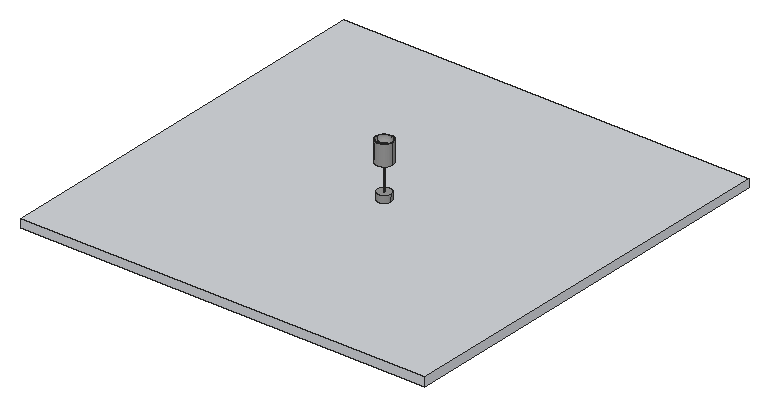
Revit family "LAMP_KOMBIC 100 SURFACE 2500 CRI80 OPTIC", category Luminarias, Revit 2018
Family settings
  Anfitrión = Cara
  Cota de conector redondo = Diámetro de uso
  Tipo de pieza = Normal
  Corte con vacíos al cargar = No
  Origen de luz = Sí
  Compartido = No
  Punto de cálculo de habitación = No
Parameters (values of type "1609LM 3000K  B/B")
  Ángulo de inclinación = -90.00°
  Weight = 0.68 kg
  UGR = "17"
  Type = "COB PHILIPS"
  Protection rating = "IP40"
  Product datasheet = "http://www.lamp.es/product-files/TECH/K11SF2540WF830NBB-EN.pdf"
  Product code = "K11SF2540WF830NBB"
  Product URL = "https://www.lamp.es/en/family/kombic-surface_474354"
  Power Supply = "220-240V 50/60Hz"
  Power = 18 W
  Plum = 21.6 W
  Modelo = Product code  # "K11SF2540WF830NBB"
  Model explanation = "Possibility of chossing between surface or suspended within the model"
  Material reflector = LAMP_PC Reflector Kombic Metalizado Negro
  Material floron = LAMP_Plástico genérico NG
  Material optica = LAMP_PMMA Optica Kombic100
  Material cuerpo = LAMP_Plástico genérico NG
  Material cable suspension = LAMP_Acero genérico
  Material LED = LAMP_COB
  Manufacturer name = "LAMP"
  Manufacturer country = "Spain"
  Manufacturer URL = "http://www.lamp.es/en"
  MacAdam = "3"
  Luminaire type = "Suspended"
  Last update = "29/07/2021"
  Lamp = "COB LED"
  LED Lifetime = "50.000 L70 B10"
  Insulation class = "I"
  Installation instructions = "https://www.lamp.es/product-files/packed/by-family/474354_INS_all.zip"
  IEE = "A+"
  Height suspension [instance] = 200 mm
  Height distance [instance] = if(Surface, 0.1 mm, if(Ceiling rose, if(Height suspension > 38 mm, if(Height suspension < 2000 mm, Height suspension, 2000 mm), 38 mm), 37 mm))  # 200 mm
  Wattage = 21.6 W
  built-in parameter 1150107 = 3000 (stored number, unit not read)
  Surface [instance] = no
  built-in parameter 1150110 = 1 (stored number, unit not read)
  built-in parameter 1150109 = 1 (stored number, unit not read)
  built-in parameter 1150112 = 1 (stored number, unit not read)
  built-in parameter 1150113 = 1 (stored number, unit not read)
  built-in parameter 1114218 = 1 (stored number, unit not read)
  built-in parameter 1150137 = (empty or 0)
  built-in parameter 1150132 = 2
  built-in parameter 1150105 = 2137.8 (stored number, unit not read)
  built-in parameter 1150102 = (empty or 0)
  built-in parameter 1150106 = 21.378 (stored number, unit not read)
  Height = 120 mm
  Gear = "Electronic"
  Lumens = 1609.2 lm
  Finish = "Matte black RAL 9011"
  Color Filter = 16777215
  built-in parameter 1114217 = 1 (stored number, unit not read)
  built-in parameter 1150139 = (empty or 0)
  Fabricante = Manufacturer name  # "LAMP"
  Default Elevation = 1219.2 mm
  built-in parameter 1150104 = 6.9213 (stored number, unit not read)
  Efficacy = 74.5 lm/W
  Diameter = 100 mm
  built-in parameter 1150115 = 1 (stored number, unit not read)
  built-in parameter 1150114 = 1 (stored number, unit not read)
  built-in parameter 1150138 = (empty or 0)
  built-in parameter 1150134 = (empty or 0)
  Ceiling rose [instance] = not(Surface)  # yes
  Dimming Lamp Color Temperature Shift = (empty or 0)
  CRI = "80"
  Archivo de red fotométrica = "K11SF2540WF830NBB.IES"
  built-in parameter 1150133 = 10 (stored number, unit not read)
Types (12, lengths in mm): name | UGR | Product datasheet | Product code | Modelo | Material reflector | Material floron | Material cuerpo | built-in parameter 1150107 | built-in parameter 1150105 | built-in parameter 1150106 | Lumens | Finish | built-in parameter 1150104 | Efficacy | built-in parameter 1150134 | Archivo de red fotométrica
  1609LM 3000K  B/B | "17" | "http://www.lamp.es/product-files/TECH/K11SF2540WF830NBB-EN.pdf" | "K11SF2540WF830NBB" | "K11SF2540WF830NBB" | LAMP_PC Reflector Kombic Metalizado Negro | LAMP_Plástico genérico NG | LAMP_Plástico genérico NG | 3000 (stored number, unit not read) | 2137.8 (stored number, unit not read) | 21.378 (stored number, unit not read) | 1609.2 lm | "Matte black RAL 9011" | 6.9213 (stored number, unit not read) | 74.5 lm/W | (empty or 0) | "K11SF2540WF830NBB.IES"
  1609LM 3000K  B/W | "17" | "http://www.lamp.es/product-files/TECH/K11SF2540WF830NBW-EN.pdf" | "K11SF2540WF830NBW" | "K11SF2540WF830NBW" | LAMP_PC Reflector Kombic Metalizado Negro | LAMP_Plástico genérico BL | LAMP_Plástico genérico BL | 3000 (stored number, unit not read) | 2137.8 (stored number, unit not read) | 21.378 (stored number, unit not read) | 1609.2 lm | "Matte Traffic white RAL 9016" | 6.9213 (stored number, unit not read) | 74.5 lm/W | (empty or 0) | "K11SF2540WF830NBW.IES"
  1692LM 3000K  M/B | "17" | "http://www.lamp.es/product-files/TECH/K11SF2540WF830NMB-EN.pdf" | "K11SF2540WF830NMB" | "K11SF2540WF830NMB" | LAMP_PC Reflector Kombic Metalizado Mate | LAMP_Plástico genérico NG | LAMP_Plástico genérico NG | 3000 (stored number, unit not read) | 2246.9 (stored number, unit not read) | 22.469 (stored number, unit not read) | 1691.28 lm | "Matte black RAL 9011" | 7.2743 (stored number, unit not read) | 78.3 lm/W | (empty or 0) | "K11SF2540WF830NMB.IES"
  1692LM 3000K  M/W | "17" | "http://www.lamp.es/product-files/TECH/K11SF2540WF830NMW-EN.pdf" | "K11SF2540WF830NMW" | "K11SF2540WF830NMW" | LAMP_PC Reflector Kombic Metalizado Mate | LAMP_Plástico genérico BL | LAMP_Plástico genérico BL | 3000 (stored number, unit not read) | 2246.9 (stored number, unit not read) | 22.469 (stored number, unit not read) | 1691.28 lm | "Matte Traffic white RAL 9016" | 7.2743 (stored number, unit not read) | 78.3 lm/W | (empty or 0) | "K11SF2540WF830NMW.IES"
  1701LM 3000K  W/B | "19" | "http://www.lamp.es/product-files/TECH/K11SF2540WF830NWB-EN.pdf" | "K11SF2540WF830NWB" | "K11SF2540WF830NWB" | LAMP_PC Reflector Kombic Blanco | LAMP_Plástico genérico NG | LAMP_Plástico genérico NG | 3000 (stored number, unit not read) | 2261.2 (stored number, unit not read) | 22.612 (stored number, unit not read) | 1702.08 lm | "Matte black RAL 9011" | 7.3208 (stored number, unit not read) | 78.8 lm/W | (empty or 0) | "K11SF2540WF830NWB.IES"
  1701LM 3000K  W/W | "19" | "http://www.lamp.es/product-files/TECH/K11SF2540WF830NWW-EN.pdf" | "K11SF2540WF830NWW" | "K11SF2540WF830NWW" | LAMP_PC Reflector Kombic Blanco | LAMP_Plástico genérico BL | LAMP_Plástico genérico BL | 3000 (stored number, unit not read) | 2261.2 (stored number, unit not read) | 22.612 (stored number, unit not read) | 1702.08 lm | "Matte Traffic white RAL 9016" | 7.3208 (stored number, unit not read) | 78.8 lm/W | (empty or 0) | "K11SF2540WF830NWW.IES"
  1704LM 4000K  B/B | "17" | "http://www.lamp.es/product-files/TECH/K11SF2540WF840NBB-EN.pdf" | "K11SF2540WF840NBB" | "K11SF2540WF840NBB" | LAMP_PC Reflector Kombic Metalizado Negro | LAMP_Plástico genérico NG | LAMP_Plástico genérico NG | 4000 (stored number, unit not read) | 2264.1 (stored number, unit not read) | 22.641 (stored number, unit not read) | 1704.24 lm | "Matte black RAL 9011" | 7.33 (stored number, unit not read) | 78.9 lm/W | 12 | "K11SF2540WF840NBB.IES"
  1704LM 4000K  B/W | "17" | "http://www.lamp.es/product-files/TECH/K11SF2540WF840NBW-EN.pdf" | "K11SF2540WF840NBW" | "K11SF2540WF840NBW" | LAMP_PC Reflector Kombic Metalizado Negro | LAMP_Plástico genérico BL | LAMP_Plástico genérico BL | 4000 (stored number, unit not read) | 2264.1 (stored number, unit not read) | 22.641 (stored number, unit not read) | 1704.24 lm | "Matte Traffic white RAL 9016" | 7.33 (stored number, unit not read) | 78.9 lm/W | 12 | "K11SF2540WF840NBW.IES"
  1792LM 4000K  M/B | "17" | "http://www.lamp.es/product-files/TECH/K11SF2540WF840NMB-EN.pdf" | "K11SF2540WF840NMB" | "K11SF2540WF840NMB" | LAMP_PC Reflector Kombic Metalizado Mate | LAMP_Plástico genérico NG | LAMP_Plástico genérico NG | 4000 (stored number, unit not read) | 2381.7 (stored number, unit not read) | 23.817 (stored number, unit not read) | 1792.8 lm | "Matte black RAL 9011" | 7.711 (stored number, unit not read) | 83 lm/W | 12 | "K11SF2540WF840NMB.IES"
  1792LM 4000K  M/W | "17" | "http://www.lamp.es/product-files/TECH/K11SF2540WF840NMW-EN.pdf" | "K11SF2540WF840NMW" | "K11SF2540WF840NMW" | LAMP_PC Reflector Kombic Metalizado Mate | LAMP_Plástico genérico BL | LAMP_Plástico genérico BL | 4000 (stored number, unit not read) | 2381.7 (stored number, unit not read) | 23.817 (stored number, unit not read) | 1792.8 lm | "Matte Traffic white RAL 9016" | 7.711 (stored number, unit not read) | 83 lm/W | 12 | "K11SF2540WF840NMW.IES"
  1802LM 4000K  W/B | "19" | "http://www.lamp.es/product-files/TECH/K11SF2540WF840NWB-EN.pdf" | "K11SF2540WF840NWB" | "K11SF2540WF840NWB" | LAMP_PC Reflector Kombic Blanco | LAMP_Plástico genérico NG | LAMP_Plástico genérico NG | 4000 (stored number, unit not read) | 2393.2 (stored number, unit not read) | 23.932 (stored number, unit not read) | 1801.44 lm | "Matte black RAL 9011" | 7.7481 (stored number, unit not read) | 83.4 lm/W | 12 | "K11SF2540WF840NWB.IES"
  1802LM 4000K  W/W | "19" | "http://www.lamp.es/product-files/TECH/K11SF2540WF840NWW-EN.pdf" | "K11SF2540WF840NWW" | "K11SF2540WF840NWW" | LAMP_PC Reflector Kombic Blanco | LAMP_Plástico genérico BL | LAMP_Plástico genérico BL | 4000 (stored number, unit not read) | 2393.2 (stored number, unit not read) | 23.932 (stored number, unit not read) | 1801.44 lm | "Matte Traffic white RAL 9016" | 7.7481 (stored number, unit not read) | 83.4 lm/W | 12 | "K11SF2540WF840NWW.IES"
Reference planes
  plane 1 "Centro (Frontal/Posterior)": y = 0
  plane 2: z = 0
  plane 3 "Centro (Izquierda/Derecha)": x = 0
Forms (mm)
  Extrusion 1, solid
    sketch origin (0, 0, 0) x (1, 0, 0) y (0, 1, 0)
      loop
        line (-1219.2, 1219.2) -> (-1219.2, -1219.2) -> (1219.2, -1219.2) -> (1219.2, 1219.2) -> (-1219.2, 1219.2)
    from 0 to -50
  Extrusion 2, solid, material "LAMP_Plástico genérico NG" <- "Material cuerpo"
    sketch origin (0, 0, 0) x (1, 0, 0) y (0, 1, 0)
      loop
        circle (0, 0) r 50
    from 200 to 320
  Extrusion 3, void
    sketch origin (0, 0, 0) x (1, 0, 0) y (0, 1, 0)
      loop
        circle (0, 0) r 48
    from 210.588 to 320
  Sweep 4, solid, material "LAMP_PC Reflector Kombic Metalizado Negro" <- "Material reflector"
    path origin (105.103, -251.845, 320) x (1, 0, 0) y (0, 1, 0)
      loop
        circle (-105.103, 251.959) r 48
    profile origin (0, 48.114, 320) x (0, -1, 0) y (0, 0, 1)
      loop
        arc (0, 0) -> (6.616, -20.646) -> (24, -33.6) r 35.52
        line (24, -33.6) -> (24, -32.6)
        arc (24, -32.6) -> (7.196, -20.217) -> (2, 0) r 31.112
        line (2, 0) -> (0, 0)
  Extrusion 5, solid, material "LAMP_PMMA Optica Kombic100" <- "Material optica"
    sketch origin (0, 0, 0) x (1, 0, 0) y (0, 1, 0)
      loop
        circle (0, 0) r 24
    from 286.4 to 287.4
  Extrusion 6, solid, material "LAMP_Plástico genérico NG" <- "Material floron", visible <- "Ceiling rose"
    sketch origin (0, 0, 0) x (1, 0, 0) y (0, 1, 0)
      loop
        circle (0, 0) r 42
    from 0 to 37
  Extrusion 7, solid, material "LAMP_Acero genérico" <- "Material cable suspension", visible <- "Ceiling rose"
    sketch origin (0, 0, 0) x (1, 0, 0) y (0, 1, 0)
      loop
        circle (0, 0) r 1
    from 37 to 200
  Extrusion 8, solid, material "LAMP_COB" <- "Material LED"
    sketch origin (0, 0, 0) x (1, 0, 0) y (0, 1, 0)
      loop
        circle (0, 0) r 13
    from 285.4 to 286.4
Cuts and joins
  Extrusion 3 cuts Extrusion 2
Text (mm)
  text "Any modification of the parameters and properties of the LAMP BIM models must be executed and validated by the LAMP technical department.\nPhone: +34 93 736 68 00\nE-mail: lamp@lamp.es\n\nLAMP reserves the right to modify the technical specifications of its products." at (1856.491, -4316.333, -2622.127), in view "Preview"
Dimensions and locks
  "Height distance": Extrusion 2 to Extrusion 1
  locked: Extrusion 2 to Extrusion 2 at 120
  locked: cut or joined group of Extrusion 2, Extrusion 3 to cut or joined group of Extrusion 2, Extrusion 3 at 109.412
  locked: Extrusion 8 to Extrusion 8 at 1
  aligned and locked: plane 2 to Extrusion 1
  aligned and locked: level to Extrusion 1
  aligned and locked: Extrusion 2 to Extrusion 3
  aligned and locked: cut or joined group of Extrusion 2, Extrusion 3 to Sweep 4 sketch curve
  aligned and locked: Sweep 4 to Extrusion 5
  aligned and locked: Extrusion 5 to Sweep 4
  aligned and locked: Extrusion 7 to Extrusion 6
  aligned and locked: Extrusion 7 to cut or joined group of Extrusion 2, Extrusion 3
  aligned and locked: imposter light to cut or joined group of Extrusion 2, Extrusion 3
  aligned and locked: Extrusion 8 to Extrusion 5
Automatic sketch dimensions
  Extrusion 1 sketch curve to Extrusion 1 sketch curve = 2438.4 mm  (x2)
  plane 1 "Centro (Frontal/Posterior)" to Extrusion 2 sketch curve = 0 mm
  Extrusion 2 sketch curve to plane 3 "Centro (Izquierda/Derecha)" = 0 mm
  plane 1 "Centro (Frontal/Posterior)" to Extrusion 3 sketch curve = 0 mm
  Extrusion 3 sketch curve to plane 3 "Centro (Izquierda/Derecha)" = 0 mm
  Sweep 4 sketch curve to Sweep 4 sketch curve = 2 mm
  Sweep 4 sketch curve to Sweep 4 sketch curve = 2.536 mm
  Sweep 4 sketch curve to Sweep 4 sketch curve = 2.814 mm
  Sweep 4 sketch curve to profile plane = 24 mm
  Sweep 4 sketch curve to Sweep 4 sketch curve = 8.984 mm
  Sweep 4 sketch curve to profile plane = 0 mm
  plane 1 "Centro (Frontal/Posterior)" to Extrusion 5 sketch curve = 0 mm
  Extrusion 5 sketch curve to plane 3 "Centro (Izquierda/Derecha)" = 0 mm
  plane 1 "Centro (Frontal/Posterior)" to Extrusion 6 sketch curve = 0 mm
  Extrusion 6 sketch curve to plane 3 "Centro (Izquierda/Derecha)" = 0 mm
  plane 1 "Centro (Frontal/Posterior)" to Extrusion 7 sketch curve = 0 mm
  Extrusion 7 sketch curve to plane 3 "Centro (Izquierda/Derecha)" = 0 mm
  plane 1 "Centro (Frontal/Posterior)" to Extrusion 8 sketch curve = 0 mm
  Extrusion 8 sketch curve to plane 3 "Centro (Izquierda/Derecha)" = 0 mm
  radius of Extrusion 2 sketch curve = 50 mm
  radius of Extrusion 3 sketch curve = 48 mm
  radius of Sweep 4 sketch curve = 48 mm
  radius of Extrusion 5 sketch curve = 24 mm
  radius of Extrusion 6 sketch curve = 42 mm
  radius of Extrusion 7 sketch curve = 1 mm
  radius of Extrusion 8 sketch curve = 13 mm
Connectors
  electrical at (0, 0, 200)
    settings: on cut or joined group of Extrusion 2, Extrusion 3, index 1, voltage 230 V, apparent load 0 VA, apparent load phase1 0 VA, apparent load phase2 0 VA, apparent load phase3 0 VA, power factor 1, load classification "Otro", number of poles 1, system type 31, power factor state 1, is connector primary yes, connector utility no, sub classification motor no, connector description ""
